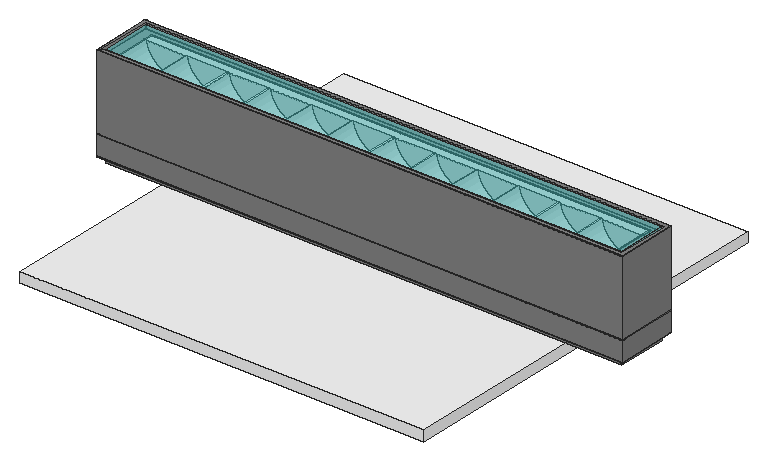
Revit family "BE_24315_de_DE", category Leuchten, Revit 2015
Parameters (values of type "BEGA_24315_Grafit_K4")
  built-in parameter 1150104 = 16.611 (stored number, unit not read)
  Wattage = 16 W
  Default Elevation = 0 mm
  built-in parameter 1150113 = 1 (stored number, unit not read)
  built-in parameter 1114218 = 1 (stored number, unit not read)
  Umgebungstemperatur = "25 °C"
  URL = "http://www.bega.de/produkt/24315"
  Typenkommentare = "© 2017 BEGA. Wir behalten uns das Recht vor, technische Änderungen ohne vorherige Ankündigung vorzunehmen."  # constant formula
  Type Image = 24315.png
  built-in parameter 1150134 = 12
  built-in parameter 1150109 = 1 (stored number, unit not read)
  Strom = ""
  built-in parameter 1150110 = 1 (stored number, unit not read)
  Spannung = 239.996 V
  Sonderanfertigung = no
  Seriennummer [instance] = "Hier können Sie die eindeutige Seriennummer für das Facility Management eintragen."
  Schutzklasse = "I"
  Schutzart = "IP 65"
  Scheinlast = 0 VA
  Produktdatenblatt = "http://www.bega.de/download/Xrfa/db/24315.db.de.pdf"
  Oberflächentemperatur = ""
  Neigungswinkel = 0.00°
  Modell = "24315K4"
  Material_17 = BEGA_Reflektor
  Material_15 = BEGA_Leuchtmedium_matt
  Material_11 = BEGA_Glas_opal
  Material_09 = BEGA_Glas_klar
  Material_06 = BEGA_Oberfläche_Edelstahl_gebürstet
  Material_05 = BEGA_Oberfläche_Aluminium Guss
  Material_03 = BEGA_Oberfläche_Weiss_matt
  Material_02 = BEGA_Oberfläche_Silber_matt
  Material_01 [instance] = BEGA_Oberfläche_Grafit_matt
  M_W = no
  M_G = yes
  M_A = no
  Logo = 0
  built-in parameter 1114217 = 1 (stored number, unit not read)
  built-in parameter 1150139 = (empty or 0)
  built-in parameter 1150105 = 227.66 (stored number, unit not read)
  built-in parameter 1150114 = 1 (stored number, unit not read)
  Lumens = 2860.8 lm
  built-in parameter 1150115 = 1 (stored number, unit not read)
  Leuchtenlichtstrom = "1993 lm"
  Leuchtenanzahl = ""
  Lebensdauerkriterien = "L70B50 @ 25 °C = 500000 h"
  Lastklassifizierung = Beleuchtung
  built-in parameter 1150112 = 1 (stored number, unit not read)
  Lampenlichtstrom = "2860 lm"
  Lampe = "LED 16 W"
  LED_Modulbezeichnung = "LED-0771/840 "
  built-in parameter 1150142 = (empty or 0)
  Hersteller = "BEGA"  # constant formula
  Halbstreuwinkel = ""
  Gewicht = "3.2 kg"
  Gebrauchslageneinschränkung [instance] = ""
  Frequenz = "0/50-60 Hz"
  Farbwiedergabeindex = "Ra > 80"
  Farbtemperaturverschiebung bei Dämpfen der Lampe = <Keine Auswahl>
  Farbtemperatur = "4000 K"
  Color Filter = 16777215
  built-in parameter 1150133 = 10 (stored number, unit not read)
  Energieeffizienzklasse = "LED A++ - A"
  built-in parameter 1150137 = (empty or 0)
  built-in parameter 1150132 = (empty or 0)
  ENEC = ""
  Dimmbar [instance] = "DALI"
  Datei für fotometrisches Netz = "BE_24315K4.IES"
  CE_Konformität = "ja"
  Bestellnummer = "24315K4"
  Beschreibung_Sonderanfertigung = "Hier können Sie Informationen zur Sonderanfertigung eintragen."
  Beschreibung = "Deckenaufbau-Tiefstrahler"
  built-in parameter 1150106 = 2.2766 (stored number, unit not read)
  Befestigungsbohrung = "Ø 7 mm"
  Befestigungsabstand = "320 mm"
  Ballwurfsicher = ""
  BEGA_Intern_aus = yes
  BEGA_Intern_an = yes
  BEGA_Intern_Konstruktion = yes
  BEGA_Intern = yes
  BEGA_IES = yes
  BEGA_Dummy = no
  Anschlussleitung = ""
  Anschlussleistung [instance] = "19 W"
  Anschlusskasten = ""
  built-in parameter 1150107 = 4000 (stored number, unit not read)
  built-in parameter 1150102 = (empty or 0)
  built-in parameter 1150138 = (empty or 0)
  Aktualisierung = "2017-06-26T04:08:37"
  Abstand_zur_angestrahlten_Fläche [instance] = ""
  AC/DC = "AC/DC"
Types (2, lengths in mm): name | built-in parameter 1150104 | built-in parameter 1150134 | Modell | built-in parameter 1150105 | Lumens | Leuchtenlichtstrom | Lampenlichtstrom | LED_Modulbezeichnung | Farbtemperatur | Datei für fotometrisches Netz | Bestellnummer | built-in parameter 1150106 | built-in parameter 1150107
  BEGA_24315_Grafit_K4 | 16.611 (stored number, unit not read) | 12 | "24315K4" | 227.66 (stored number, unit not read) | 2860.8 lm | "1993 lm" | "2860 lm" | "LED-0771/840 " | "4000 K" | "BE_24315K4.IES" | "24315K4" | 2.2766 (stored number, unit not read) | 4000 (stored number, unit not read)
  BEGA_24315_Grafit_K3 | 16.202 (stored number, unit not read) | (empty or 0) | "24315" | 222.05 (stored number, unit not read) | 2790.4 lm | "1944 lm" | "2790 lm" | "LED-0771/830 " | "3000 K" | "BE_24315.IES" | "24315" | 2.2205 (stored number, unit not read) | 3000 (stored number, unit not read)
Reference planes
  plane 1 "Mitte (Vorne/Hinten)": y = 0
  plane 2: z = 0
  plane 3 "Mitte (Links/Rechts)": x = 0
  plane 4 "Links": x = -260.3
  plane 5 "Rechts": x = 260
  plane 6 "Unten": y = -30
  plane 7 "Oben": y = 30
  plane 8 "Vorne": z = 101
  plane 9 "Hinten": z = 0
Forms (mm)
  Extrusion 1, solid, material "BEGA_Platte_Weiss"
    sketch origin (0, -1119.2, 0) x (1, 0, 0) y (0, 1, 0)
      loop
        line (-200, 1319.2) -> (-200, 919.2) -> (200, 919.2) -> (200, 1319.2) -> (-200, 1319.2)
    from 0 to -10
  Extrusion 2, solid, material "BEGA_Dummy_matt", visible <- "BEGA_Dummy"
    sketch origin (80.095, -76.023, 0) x (1, 0, 0) y (0, 1, 0)
      loop
        line (-340.395, 106.023) -> (-340.395, 46.023) -> (179.905, 46.023) -> (179.905, 106.023) -> (-340.395, 106.023)
    from 0 to 101
Dimensions and locks
  plane 1 "Mitte (Vorne/Hinten)" to Extrusion 1 = 200 mm
  aligned and locked: plane 2 to Extrusion 1
  aligned and locked: level to Extrusion 1
Nested families
  nested 1: "BE_24315" at (0, 0, 0), type "BE_24315"
Connectors
  electrical at (0, 0, 0), driven by "Lastklassifizierung", driven by "Spannung", driven by "Scheinlast"
    settings: index 1, voltage 239.996 V, apparent load 0 VA, apparent load phase1 0 VA, apparent load phase2 0 VA, apparent load phase3 0 VA, power factor 1, load classification "Beleuchtung", number of poles 1, system type 31, power factor state 1, is connector primary yes, connector utility no, sub classification motor no, connector description ""
Definition of nested family "BE_24315"
  Parameters (values of type "BE_24315")
    Default Elevation = 1 mm
    URL = "http://www.bega.de/de/produkt"
    Type Comments = "© 2015 BEGA. Wir behalten uns das Recht vor, technische Änderungen ohne vorherige Ankündigung vorzunehmen. "  # constant formula
    Type Image = (empty or 0)
    Neigungswinkel_um_Z2 = 0.00°
    Neigungswinkel_um_Z1 = 0.00°
    Neigungswinkel_um_Y2 = 0.00°
    Neigungswinkel_um_Y1 = 0.00°
    Neigungswinkel_um_X2 = 0.00°
    Neigungswinkel_um_X1 = 0.00°
    Material_17 = none
    Material_15 = none
    Material_11 = none
    Material_09 = none
    Material_06 = none
    Material_05 = none
    Material_03 = none
    Material_02 = none
    Material_01 = none
    M_W = yes
    M_G = yes
    M_A = yes
    Länge_Platte = 700 mm  # constant formula
    Höhe_Platte = -10 mm  # constant formula
    Manufacturer = "BEGA"  # constant formula
    Drehwinkel_um_Z2 = 0.00°
    Drehwinkel_um_Z1 = 0.00°
    Breite_Platte = 200 mm  # constant formula
  Reference planes
    plane 1 "Mitte (Oben/Unten)": y = 0
    plane 2: z = 0
    plane 3 "Mitte (Links/Rechts)": x = 0
    plane 4: x = -260
    plane 5: z = 101
    plane 6: x = 260.3
    plane 7: y = 30
    plane 8: y = -30
  Forms (mm)
    Extrusion 1, solid, detail levels medium
      sketch origin (0, 0, 0) x (1, 0, 0) y (0, 1, 0)
        loop
          line (-350, 100) -> (-350, -100) -> (350, -100) -> (350, 100) -> (-350, 100)
      from 0 to -10 <- "Höhe_Platte"
    Extrusion 2, solid, material <- "Material_17", detail levels medium+fine
      sketch origin (0, 0, 0) x (1, 0, 0) y (0, 0, 1)
        loop
          line (-219.896, 71.045) -> (-217.905, 71.045)
          arc (-217.905, 71.045) -> (-209.491, 79.085) -> (-205, 89.821) r 28.451
          arc (-205, 89.821) -> (-200.509, 79.085) -> (-192.095, 71.045) r 28.451
          line (-192.095, 71.045) -> (-190.104, 71.045)
          arc (-190.104, 71.045) -> (-200.859, 81.515) -> (-204.499, 96.076) r 27.451
          line (-204.499, 96.076) -> (-205.501, 96.076)
          arc (-205.501, 96.076) -> (-209.141, 81.515) -> (-219.896, 71.045) r 27.451
        loop
          arc (-231.11, 71.045) -> (-241.857, 81.511) -> (-245.498, 96.064) r 27.449
          line (-245.498, 96.064) -> (-246.403, 96.064)
          arc (-246.403, 96.064) -> (-243.073, 81.779) -> (-233.077, 71.045) r 28.484
          line (-233.077, 71.045) -> (-231.11, 71.045)
        loop
          arc (245.487, 96.076) -> (241.847, 81.515) -> (231.092, 71.045) r 27.451
          line (231.092, 71.045) -> (233.084, 71.045)
          arc (233.084, 71.045) -> (243.132, 81.769) -> (246.488, 96.076) r 28.451
          line (246.488, 96.076) -> (245.487, 96.076)
        loop
          arc (-176.905, 71.045) -> (-168.492, 79.085) -> (-164.001, 89.821) r 28.449
          arc (-164.001, 89.821) -> (-159.51, 79.085) -> (-151.095, 71.045) r 28.449
          line (-151.095, 71.045) -> (-149.107, 71.045)
          arc (-149.107, 71.045) -> (-159.861, 81.515) -> (-163.502, 96.076) r 27.451
          line (-163.502, 96.076) -> (-164.501, 96.076)
          arc (-164.501, 96.076) -> (-168.141, 81.515) -> (-178.896, 71.045) r 27.451
          line (-178.896, 71.045) -> (-176.905, 71.045)
        loop
          arc (-108.107, 71.045) -> (-118.861, 81.515) -> (-122.502, 96.076) r 27.451
          line (-122.502, 96.076) -> (-123.504, 96.076)
          arc (-123.504, 96.076) -> (-127.144, 81.515) -> (-137.899, 71.045) r 27.451
          line (-137.899, 71.045) -> (-135.908, 71.045)
          arc (-135.908, 71.045) -> (-127.494, 79.085) -> (-123.003, 89.821) r 28.451
          arc (-123.003, 89.821) -> (-118.512, 79.085) -> (-110.098, 71.045) r 28.451
          line (-110.098, 71.045) -> (-108.107, 71.045)
        loop
          line (-96.899, 71.045) -> (-94.908, 71.045)
          arc (-94.908, 71.045) -> (-86.495, 79.084) -> (-82.004, 89.818) r 28.451
          arc (-82.004, 89.818) -> (-77.512, 79.084) -> (-69.1, 71.045) r 28.451
          line (-69.1, 71.045) -> (-67.108, 71.045)
          arc (-67.108, 71.045) -> (-77.863, 81.515) -> (-81.503, 96.076) r 27.451
          line (-81.503, 96.076) -> (-82.504, 96.076)
          arc (-82.504, 96.076) -> (-86.144, 81.515) -> (-96.899, 71.045) r 27.451
        loop
          arc (55.889, 71.045) -> (45.134, 81.515) -> (41.494, 96.076) r 27.451
          line (41.494, 96.076) -> (40.492, 96.076)
          arc (40.492, 96.076) -> (36.851, 81.515) -> (26.097, 71.045) r 27.451
          line (26.097, 71.045) -> (28.088, 71.045)
          arc (28.088, 71.045) -> (36.502, 79.085) -> (40.993, 89.821) r 28.451
          arc (40.993, 89.821) -> (45.484, 79.085) -> (53.898, 71.045) r 28.451
          line (53.898, 71.045) -> (55.889, 71.045)
        loop
          line (67.097, 71.045) -> (69.088, 71.045)
          arc (69.088, 71.045) -> (77.501, 79.084) -> (81.992, 89.818) r 28.451
          arc (81.992, 89.818) -> (86.483, 79.084) -> (94.896, 71.045) r 28.451
          line (94.896, 71.045) -> (96.887, 71.045)
          arc (96.887, 71.045) -> (86.133, 81.515) -> (82.492, 96.076) r 27.451
          line (82.492, 96.076) -> (81.492, 96.076)
          arc (81.492, 96.076) -> (77.851, 81.515) -> (67.097, 71.045) r 27.451
        loop
          arc (14.886, 71.045) -> (4.133, 81.515) -> (0.494, 96.076) r 27.451
          line (0.494, 96.076) -> (-0.505, 96.076)
          arc (-0.505, 96.076) -> (-4.146, 81.515) -> (-14.9, 71.045) r 27.451
          line (-14.9, 71.045) -> (-12.912, 71.045)
          arc (-12.912, 71.045) -> (-4.497, 79.085) -> (-0.006, 89.821) r 28.449
          arc (-0.006, 89.821) -> (4.484, 79.085) -> (12.898, 71.045) r 28.449
          line (12.898, 71.045) -> (14.886, 71.045)
        loop
          line (-55.9, 71.045) -> (-53.909, 71.045)
          arc (-53.909, 71.045) -> (-45.495, 79.085) -> (-41.004, 89.821) r 28.451
          arc (-41.004, 89.821) -> (-36.514, 79.085) -> (-28.1, 71.045) r 28.451
          line (-28.1, 71.045) -> (-26.108, 71.045)
          arc (-26.108, 71.045) -> (-36.863, 81.515) -> (-40.503, 96.076) r 27.451
          line (-40.503, 96.076) -> (-41.505, 96.076)
          arc (-41.505, 96.076) -> (-45.146, 81.515) -> (-55.9, 71.045) r 27.451
        loop
          line (108.095, 71.045) -> (110.087, 71.045)
          arc (110.087, 71.045) -> (118.5, 79.085) -> (122.991, 89.821) r 28.451
          arc (122.991, 89.821) -> (127.482, 79.085) -> (135.896, 71.045) r 28.451
          line (135.896, 71.045) -> (137.887, 71.045)
          arc (137.887, 71.045) -> (127.133, 81.515) -> (123.492, 96.076) r 27.451
          line (123.492, 96.076) -> (122.49, 96.076)
          arc (122.49, 96.076) -> (118.85, 81.515) -> (108.095, 71.045) r 27.451
        loop
          line (149.098, 71.045) -> (151.086, 71.045)
          arc (151.086, 71.045) -> (159.5, 79.085) -> (163.99, 89.821) r 28.449
          arc (163.99, 89.821) -> (168.481, 79.085) -> (176.896, 71.045) r 28.449
          line (176.896, 71.045) -> (178.884, 71.045)
          arc (178.884, 71.045) -> (168.13, 81.515) -> (164.489, 96.076) r 27.451
          line (164.489, 96.076) -> (163.49, 96.076)
          arc (163.49, 96.076) -> (159.851, 81.515) -> (149.098, 71.045) r 27.451
        loop
          arc (219.884, 71.045) -> (209.13, 81.515) -> (205.489, 96.076) r 27.451
          line (205.489, 96.076) -> (204.487, 96.076)
          arc (204.487, 96.076) -> (200.847, 81.515) -> (190.092, 71.045) r 27.451
          line (190.092, 71.045) -> (192.084, 71.045)
          arc (192.084, 71.045) -> (200.498, 79.085) -> (204.988, 89.821) r 28.451
          arc (204.988, 89.821) -> (209.479, 79.085) -> (217.893, 71.045) r 28.451
          line (217.893, 71.045) -> (219.884, 71.045)
      from -21 to 21
    Sweep 3, solid, material <- "Material_01", detail levels medium+fine
      path origin (0, 0, 0) x (1, 0, 0) y (0, 1, 0)
        loop
          line (-260, 30) -> (-260, -30) -> (260.3, -30) -> (260.3, 30) -> (-260, 30)
      profile origin (0.15, 30, 0) x (0, 1, 0) y (0, 0, 1)
        loop
          line (-0.5, 101) -> (-3.044, 101) -> (-4.682, 96.5) -> (-8.994, 96.5) -> (-8.994, 94) -> (-2.8, 94) -> (-2.8, 26) -> (-0.5, 26)
          arc (-0.5, 26) -> (-0.146, 26.146) -> (0, 26.5) r 0.5
          line (0, 26.5) -> (0, 100.5)
          arc (0, 100.5) -> (-0.146, 100.854) -> (-0.5, 101) r 0.5
    Extrusion 4, solid, material <- "Material_01", detail levels medium+fine
      sketch origin (0, 0, 0) x (1, 0, 0) y (0, 0, 1)
        loop
          line (246.5, 94) -> (252.3, 94) -> (252.3, 96.5) -> (246.5, 96.5) -> (246.5, 94)
        loop
          line (-246.5, 94) -> (-246.5, 96.5) -> (-252.3, 96.5) -> (-252.3, 94) -> (-246.5, 94)
      from -22.05 to 22.05
    Extrusion 5, solid, material <- "Material_09", detail levels medium+fine
      sketch origin (0, 0, 0) x (0, 1, 0) y (0, 0, 1)
        loop
          line (25, 96.7) -> (25, 100.7) -> (-25, 100.7) -> (-25, 96.7) -> (25, 96.7)
      from -255 to 255.186
    Extrusion 6, solid, material <- "Material_15", detail levels medium+fine
      sketch origin (0, 13.25, 0) x (1, 0, 0) y (0, 1, 0)
        loop
          line (-228.7, 3.2) -> (-228.7, -3.2) -> (-222.3, -3.2) -> (-222.3, 3.2) -> (-228.7, 3.2)
        loop
          line (-187.7, 3.2) -> (-187.7, -3.2) -> (-181.3, -3.2) -> (-181.3, 3.2) -> (-187.7, 3.2)
        loop
          line (-146.703, 3.2) -> (-146.703, -3.2) -> (-140.303, -3.2) -> (-140.303, 3.2) -> (-146.703, 3.2)
        loop
          line (-105.703, 3.2) -> (-105.703, -3.2) -> (-99.303, -3.2) -> (-99.303, 3.2) -> (-105.703, 3.2)
        loop
          line (-64.704, 3.2) -> (-64.704, -3.2) -> (-58.304, -3.2) -> (-58.304, 3.2) -> (-64.704, 3.2)
        loop
          line (-23.704, 3.2) -> (-23.704, -3.2) -> (-17.304, -3.2) -> (-17.304, 3.2) -> (-23.704, 3.2)
        loop
          line (17.293, 3.2) -> (17.293, -3.2) -> (23.693, -3.2) -> (23.693, 3.2) -> (17.293, 3.2)
        loop
          line (58.293, 3.2) -> (58.293, -3.2) -> (64.693, -3.2) -> (64.693, 3.2) -> (58.293, 3.2)
        loop
          line (99.291, 3.2) -> (99.291, -3.2) -> (105.691, -3.2) -> (105.691, 3.2) -> (99.291, 3.2)
        loop
          line (140.291, 3.2) -> (140.291, -3.2) -> (146.691, -3.2) -> (146.691, 3.2) -> (140.291, 3.2)
        loop
          line (181.288, 3.2) -> (181.288, -3.2) -> (187.688, -3.2) -> (187.688, 3.2) -> (181.288, 3.2)
        loop
          line (222.288, 3.2) -> (222.288, -3.2) -> (228.688, -3.2) -> (228.688, 3.2) -> (222.288, 3.2)
      from 70 to 69.119
    Sweep 7, solid, material <- "Material_01", detail levels medium+fine
      path origin (0, 0, 0) x (1, 0, 0) y (0, 1, 0)
        loop
          line (260, 30) -> (-259.985, 30) -> (-259.985, -30) -> (260, -30) -> (260, 30)
      profile origin (0.008, 30, 0) x (0, -1, 0) y (0, 0, 1)
        loop
          arc (0, 6.5) -> (0.146, 6.146) -> (0.5, 6) r 0.5
          line (0.5, 6) -> (5, 6) -> (5, 0) -> (25, 0) -> (25, 10) -> (4, 10) -> (4, 26) -> (0, 26) -> (0, 6.5)
    Extrusion 8, solid, material <- "Material_01", detail levels medium+fine
      sketch origin (0, 0, 0) x (0, 1, 0) y (0, 0, 1)
        loop
          line (5, 10) -> (-5, 10) -> (-5, 0) -> (5, 0) -> (5, 10)
      from 237 to -236
    Extrusion 9, void
      sketch origin (0, 0, 0) x (1, 0, 0) y (0, 1, 0)
        loop
          arc (-80, 20) -> (-100, 0) -> (-80, -20) r 20
          line (-80, -20) -> (80, -20)
          arc (80, -20) -> (100, 0) -> (80, 20) r 20
          line (80, 20) -> (-80, 20)
        loop
          arc (155, 3.5) -> (151.5, 0) -> (155, -3.5) r 3.5
          line (155, -3.5) -> (165, -3.5)
          arc (165, -3.5) -> (168.5, 0) -> (165, 3.5) r 3.5
          line (165, 3.5) -> (155, 3.5)
        loop
          arc (-163.5, -5) -> (-160, -8.5) -> (-156.5, -5) r 3.5
          line (-156.5, -5) -> (-156.5, 5)
          arc (-156.5, 5) -> (-160, 8.5) -> (-163.5, 5) r 3.5
          line (-163.5, 5) -> (-163.5, -5)
      from 11.948 to -0.793
    Revolve 10, solid, material <- "Material_06", detail levels fine
      sketch origin (-200, 0, 0) x (0, 1, 0) y (0, 0, 1)
        loop
          line (30, 22.75) -> (30, 18.8) -> (32.2, 18.8) -> (32.2, 22.75) -> (30, 22.75)
        axis (30, 18.8) -> (32.2, 18.8)
      angle from 0 to 360
    Revolve 11, solid, material <- "Material_06", detail levels fine
      sketch origin (200, 0, 0) x (0, 1, 0) y (0, 0, -1)
        loop
          line (30, -22.75) -> (32.2, -22.75) -> (32.2, -18.8) -> (30, -18.8) -> (30, -22.75)
        axis (30, -18.8) -> (32.2, -18.8)
      angle from 0 to 360
    Extrusion 12, solid, material <- "Material_17", detail levels medium+fine
      sketch origin (0, 0, 0) x (0, 1, 0) y (0, 0, 1)
        loop
          line (21, 96.045) -> (12.5, 96.045) -> (17.09, 71.045) -> (18.106, 71.045) -> (13.7, 95.045) -> (21, 95.045) -> (21, 96.045)
        loop
          line (-20, 96.045) -> (-21.259, 96.045)
          arc (-21.259, 96.045) -> (-8.634, 82.264) -> (6.314, 71.045) r 101.002
          line (6.314, 71.045) -> (8.25, 71.045)
          arc (8.25, 71.045) -> (-7.065, 82.201) -> (-20, 96.045) r 100.002
      from 247.242 to -246.914
  Cuts and joins
    joined: Sweep 3, Extrusion 4
    Extrusion 9 cuts Sweep 7
    Extrusion 9 cuts Extrusion 8
    joined: Sweep 7, Extrusion 8
    joined: Extrusion 2, Extrusion 12
  Dimensions and locks
    equal spacing: Extrusion 1 sketch curve, plane 3 "Mitte (Links/Rechts)", Extrusion 1 sketch curve
    equal spacing: Extrusion 1 sketch curve, plane 1 "Mitte (Oben/Unten)", Extrusion 1 sketch curve
    "Länge_Platte": Extrusion 1 sketch curve to Extrusion 1 sketch curve
    "Breite_Platte": Extrusion 1 sketch curve to Extrusion 1 sketch curve
    aligned and locked: Extrusion 1 to plane 2
    aligned and locked: level to Extrusion 1
  Automatic sketch dimensions
    plane 1 "Mitte (Oben/Unten)" to Sweep 3 sketch curve = 30 mm
    Sweep 3 sketch curve to plane 1 "Mitte (Oben/Unten)" = 30 mm
    Extrusion 4 sketch curve to Extrusion 4 sketch curve = 5.8 mm  (x2)
    level to Extrusion 4 sketch curve = 94 mm  (x2)
    Extrusion 4 sketch curve to Extrusion 4 sketch curve = 2.5 mm  (x2)
    plane 1 "Mitte (Oben/Unten)" to Extrusion 5 sketch curve = 25 mm
    Extrusion 5 sketch curve to plane 1 "Mitte (Oben/Unten)" = 25 mm
    level to Extrusion 5 sketch curve = 96.7 mm
    Extrusion 5 sketch curve to Extrusion 5 sketch curve = 4 mm
    plane 1 "Mitte (Oben/Unten)" to Sweep 7 sketch curve = 30 mm
    Sweep 7 sketch curve to plane 1 "Mitte (Oben/Unten)" = 30 mm
    Sweep 7 sketch curve to profile plane = 0 mm
    Sweep 7 sketch curve to level = 0 mm
    Sweep 7 sketch curve to Sweep 7 sketch curve = 0.5 mm
    Sweep 7 sketch curve to Sweep 7 sketch curve = 4 mm  (x2)
    Sweep 7 sketch curve to Sweep 7 sketch curve = 1 mm
    Sweep 7 sketch curve to Sweep 7 sketch curve = 20 mm
    level to Sweep 7 sketch curve = 6 mm
    Sweep 7 sketch curve to Sweep 7 sketch curve = 16 mm
    Extrusion 8 sketch curve to level = 0 mm
    plane 1 "Mitte (Oben/Unten)" to Extrusion 8 sketch curve = 5 mm
    Extrusion 8 sketch curve to plane 1 "Mitte (Oben/Unten)" = 5 mm
    Extrusion 8 sketch curve to Extrusion 8 sketch curve = 10 mm
    plane 1 "Mitte (Oben/Unten)" to Extrusion 9 sketch curve = 0 mm  (x2)
    plane 1 "Mitte (Oben/Unten)" to Extrusion 9 sketch curve = 5 mm
    Extrusion 9 sketch curve to Extrusion 9 sketch curve = 3.5 mm
    plane 1 "Mitte (Oben/Unten)" to Extrusion 9 sketch curve = 20 mm
    Extrusion 9 sketch curve to Extrusion 9 sketch curve = 76.5 mm
    plane 3 "Mitte (Links/Rechts)" to Extrusion 9 sketch curve = 80 mm
    plane 1 "Mitte (Oben/Unten)" to Extrusion 9 sketch curve = 3.5 mm
    Extrusion 9 sketch curve to Extrusion 9 sketch curve = 10 mm
    Extrusion 9 sketch curve to plane 1 "Mitte (Oben/Unten)" = 5 mm
    Extrusion 9 sketch curve to Extrusion 9 sketch curve = 0 mm  (x2)
    Revolve 10 sketch curve to plane 1 "Mitte (Oben/Unten)" = 30 mm
    Revolve 10 sketch curve to Revolve 10 sketch curve = 2.2 mm
    level to Revolve 10 sketch curve = 18.8 mm
    Revolve 10 sketch curve to Revolve 10 sketch curve = 3.95 mm
    Revolve 10 sketch curve to Revolve 10 sketch curve = 2 mm  (x2)
    Revolve 10 sketch curve to Revolve 10 sketch curve = 0 mm
    Revolve 11 sketch curve to plane 1 "Mitte (Oben/Unten)" = 30 mm
    Revolve 11 sketch curve to Revolve 11 sketch curve = 2.2 mm
    level to Revolve 11 sketch curve = 22.75 mm
    Revolve 11 sketch curve to Revolve 11 sketch curve = 3.95 mm
    Revolve 11 sketch curve to Revolve 11 sketch curve = 2 mm  (x2)
    Revolve 11 sketch curve to Revolve 11 sketch curve = 0 mm
    plane 3 "Mitte (Links/Rechts)" to Sweep 3 sketch curve = 260.3 mm
    plane 3 "Mitte (Links/Rechts)" to Extrusion 4 sketch curve = 246.5 mm
    plane 3 "Mitte (Links/Rechts)" to Sweep 7 sketch curve = 260 mm
    Extrusion 9 sketch curve to Extrusion 9 sketch curve = 75 mm
    Sweep 3 sketch curve to plane 3 "Mitte (Links/Rechts)" = 260 mm
    Extrusion 4 sketch curve to plane 3 "Mitte (Links/Rechts)" = 246.5 mm
    Sweep 7 sketch curve to plane 3 "Mitte (Links/Rechts)" = 259.985 mm
    Extrusion 9 sketch curve to plane 3 "Mitte (Links/Rechts)" = 80 mm
    Sweep 3 sketch curve to profile plane = 0 mm
    profile plane to Sweep 3 sketch curve = 0.5 mm
    Sweep 3 sketch curve to Sweep 3 sketch curve = 0.5 mm
    Sweep 3 sketch curve to Sweep 3 sketch curve = 2.3 mm
    Sweep 3 sketch curve to Sweep 3 sketch curve = 2.544 mm
    Sweep 3 sketch curve to Sweep 3 sketch curve = 1.882 mm
    Sweep 3 sketch curve to Sweep 3 sketch curve = 4.312 mm
    level to Sweep 3 sketch curve = 26 mm
    Sweep 3 sketch curve to Sweep 3 sketch curve = 67.5 mm
    Sweep 3 sketch curve to Sweep 3 sketch curve = 2.5 mm
    Sweep 3 sketch curve to Sweep 3 sketch curve = 4 mm
    Extrusion 6 sketch curve to plane 1 "Mitte (Oben/Unten)" = 10.05 mm  (x12)
    plane 4 to Extrusion 6 sketch curve = 31.3 mm
    Extrusion 6 sketch curve to Extrusion 6 sketch curve = 6.4 mm  (x12)
    Extrusion 6 sketch curve to Extrusion 6 sketch curve = 34.6 mm  (x5)
    Extrusion 6 sketch curve to Extrusion 6 sketch curve = 34.597 mm  (x2)
    Extrusion 6 sketch curve to plane 1 "Mitte (Oben/Unten)" = 16.45 mm  (x12)
    Extrusion 6 sketch curve to Extrusion 6 sketch curve = 34.599 mm  (x2)
    Extrusion 6 sketch curve to plane 3 "Mitte (Links/Rechts)" = 23.704 mm
    plane 3 "Mitte (Links/Rechts)" to Extrusion 6 sketch curve = 17.293 mm
    Extrusion 12 sketch curve to Extrusion 12 sketch curve = 0 mm  (x3)
    Extrusion 12 sketch curve to plane 1 "Mitte (Oben/Unten)" = 6.314 mm
    Extrusion 12 sketch curve to Extrusion 12 sketch curve = 1.935 mm
    Extrusion 12 sketch curve to plane 5 = 4.955 mm  (x2)
    Extrusion 12 sketch curve to plane 1 "Mitte (Oben/Unten)" = 12.5 mm
    Extrusion 12 sketch curve to Extrusion 12 sketch curve = 1.2 mm
    Extrusion 12 sketch curve to Extrusion 12 sketch curve = 7.3 mm
    plane 7 to Extrusion 12 sketch curve = 29.209 mm
    Extrusion 12 sketch curve to Extrusion 12 sketch curve = 1 mm
    Extrusion 12 sketch curve to Extrusion 12 sketch curve = 24 mm
    Extrusion 12 sketch curve to Extrusion 12 sketch curve = 1.259 mm
    Extrusion 12 sketch curve to Extrusion 12 sketch curve = 8.84 mm
    Extrusion 12 sketch curve to Extrusion 12 sketch curve = 1.017 mm
    Extrusion 2 sketch curve to Extrusion 2 sketch curve = 0 mm  (x47)
    Extrusion 2 sketch curve to plane 5 = 4.936 mm
    plane 4 to Extrusion 2 sketch curve = 13.597 mm
    Extrusion 2 sketch curve to Extrusion 2 sketch curve = 0.905 mm
    Extrusion 2 sketch curve to plane 5 = 5.8 mm  (x21)
    Extrusion 2 sketch curve to Extrusion 2 sketch curve = 12.56 mm
    Extrusion 2 sketch curve to Extrusion 2 sketch curve = 1.968 mm
    Extrusion 2 sketch curve to Extrusion 2 sketch curve = 11.214 mm
    Extrusion 2 sketch curve to plane 5 = 5.805 mm
    Extrusion 2 sketch curve to Extrusion 2 sketch curve = 14.875 mm  (x6)
    Extrusion 2 sketch curve to Extrusion 2 sketch curve = 0.13 mm
    Extrusion 2 sketch curve to Extrusion 2 sketch curve = 1.991 mm  (x18)
    Extrusion 2 sketch curve to plane 5 = 4.924 mm  (x10)
    Extrusion 2 sketch curve to Extrusion 2 sketch curve = 12.432 mm
    Extrusion 2 sketch curve to Extrusion 2 sketch curve = 1.002 mm  (x6)
    Extrusion 2 sketch curve to Extrusion 2 sketch curve = 25.81 mm  (x2)
    Extrusion 2 sketch curve to Extrusion 2 sketch curve = 12.561 mm  (x21)
    Extrusion 2 sketch curve to Extrusion 2 sketch curve = 11.208 mm  (x9)
    Extrusion 2 sketch curve to Extrusion 2 sketch curve = 0.999 mm  (x2)
    Extrusion 2 sketch curve to Extrusion 2 sketch curve = 1.988 mm  (x5)
    Extrusion 2 sketch curve to Extrusion 2 sketch curve = 1.834 mm  (x6)
    Extrusion 2 sketch curve to Extrusion 2 sketch curve = 1 mm  (x3)
    Extrusion 2 sketch curve to plane 3 "Mitte (Links/Rechts)" = 13.067 mm
    Extrusion 2 sketch curve to plane 3 "Mitte (Links/Rechts)" = 0.505 mm
    plane 3 "Mitte (Links/Rechts)" to Extrusion 2 sketch curve = 0.494 mm
    Extrusion 2 sketch curve to Extrusion 2 sketch curve = 11.211 mm  (x2)
    Extrusion 2 sketch curve to plane 5 = 5.802 mm  (x2)
    Extrusion 2 sketch curve to Extrusion 2 sketch curve = 0.002 mm
    Extrusion 2 sketch curve to Extrusion 2 sketch curve = 0.501 mm  (x4)
    Extrusion 2 sketch curve to Extrusion 2 sketch curve = 0.5 mm  (x2)
    Extrusion 2 sketch curve to plane 3 "Mitte (Links/Rechts)" = 0.006 mm
    Extrusion 2 sketch curve to Extrusion 2 sketch curve = 0.499 mm
